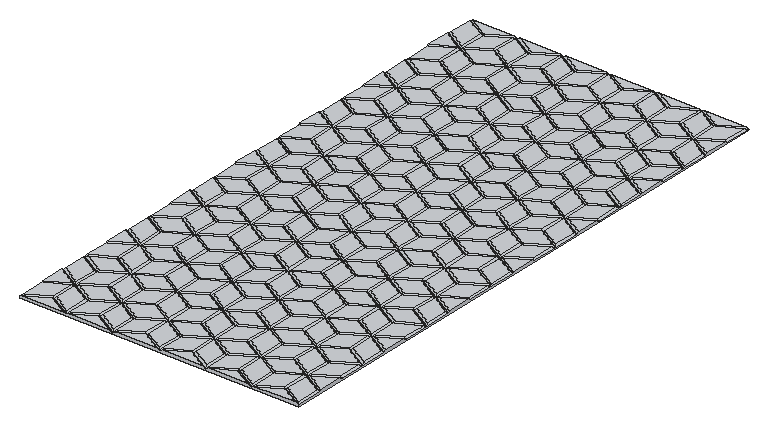
Revit family "J2 PET Felt Engraved Parallelogram", category Generic Models, host Face, Revit 2022
Family settings
  Host = Face
  Can host rebar = No
  Round Connector Dimension = Use Diameter
  Part Type = Normal
  Cut with Voids When Loaded = No
  Maintain Annotation Orientation = No
  Shared = No
  Room Calculation Point = No
Parameters
  URL = "https://www.j2systems.net/"
  Symbol Name = "FPEPGM"  # constant formula
  Style Number = "FPEPGM"  # constant formula
  Release Date = "2019"  # constant formula
  Product Line = "Engraved Panels"  # constant formula
  Model = "Parallelogram"  # constant formula
  Manufacturer = "J2 Systems"  # constant formula
  Felt color = none
  Default Elevation = 0' - 0"
Reference planes (in)
  plane 1 "Center (Front/Back)": y = 0
  plane 2: z = 0
  plane 3 "Center (Left/Right)": x = 0
Forms (in)
  Extrusion 1, solid, material <- "Felt color"
    sketch origin (0, 0, 0) x (1, 0, 0) y (0, 1, 0)
      loop
        line (0, 0) -> (47.0625, 0) -> (47.0625, 95.125) -> (0, 95.125) -> (0, 0)
    from 0 to 0.5
  Sweep 2, void
    path origin (-23.5, 0, 0) x (1, 0, 0) y (0, 1, 0)
      loop
        line (23.5, 0) -> (23.5, 4.52976)
    profile origin (0, 2.26488, 0) x (-1, 0, 0) y (0, 0, 1)
      loop
        line (0, 0.25) -> (0, 0.5) -> (-0.25, 0.5) -> (0, 0.25)
  Sweep 3, void
    path origin (23.5, 0, 0) x (1, 0, 0) y (0, 1, 0)
      loop
        line (23.5625, 0) -> (23.5625, 4.52976)
    profile origin (47.0625, 2.26488, 0) x (-1, 0, 0) y (0, 0, 1)
      loop
        line (0, 0.25) -> (0.25, 0.5) -> (0, 0.5) -> (0, 0.25)
  Sweep 4, void
    path origin (-19.57813, 0, 0) x (1, 0, 0) y (0, 1, 0)
      loop
        line (23.5, 2.26488) -> (23.5, 11.29315)
    profile origin (3.92188, 6.77902, 0) x (-1, 0, 0) y (0, 0, 1)
      loop
        line (0, 0.25) -> (0.25, 0.5) -> (-0.25, 0.5) -> (0, 0.25)
  Sweep 5, void
    path origin (-11.73438, 0, 0) x (1, 0, 0) y (0, 1, 0)
      loop
        line (23.5, 2.26488) -> (23.5, 11.29315)
    profile origin (11.76563, 6.77902, 0) x (-1, 0, 0) y (0, 0, 1)
      loop
        line (0, 0.25) -> (0.25, 0.5) -> (-0.25, 0.5) -> (0, 0.25)
  Sweep 6, void
    path origin (-3.89063, 0, 0) x (1, 0, 0) y (0, 1, 0)
      loop
        line (23.5, 2.26488) -> (23.5, 11.29315)
    profile origin (19.60938, 6.77902, 0) x (-1, 0, 0) y (0, 0, 1)
      loop
        line (0, 0.25) -> (0.25, 0.5) -> (-0.25, 0.5) -> (0, 0.25)
  Sweep 7, void
    path origin (3.95312, 0, 0) x (1, 0, 0) y (0, 1, 0)
      loop
        line (23.5, 2.26488) -> (23.5, 11.29315)
    profile origin (27.45313, 6.77902, 0) x (-1, 0, 0) y (0, 0, 1)
      loop
        line (0, 0.25) -> (0.25, 0.5) -> (-0.25, 0.5) -> (0, 0.25)
  Sweep 8, void
    path origin (11.79687, 0, 0) x (1, 0, 0) y (0, 1, 0)
      loop
        line (23.5, 2.26488) -> (23.5, 11.29315)
    profile origin (35.29688, 6.77902, 0) x (-1, 0, 0) y (0, 0, 1)
      loop
        line (0, 0.25) -> (0.25, 0.5) -> (-0.25, 0.5) -> (0, 0.25)
  Sweep 9, void
    path origin (15.71875, 0, 0) x (1, 0, 0) y (0, 1, 0)
      loop
        line (23.5, 0) -> (23.5, 4.52976)
    profile origin (39.21875, 2.26488, 0) x (-1, 0, 0) y (0, 0, 1)
      loop
        line (0, 0.25) -> (0.25, 0.5) -> (-0.25, 0.5) -> (0, 0.25)
  Sweep 10, void
    path origin (19.64062, 0, 0) x (1, 0, 0) y (0, 1, 0)
      loop
        line (23.5, 2.26488) -> (23.5, 11.29315)
    profile origin (43.14063, 6.77902, 0) x (-1, 0, 0) y (0, 0, 1)
      loop
        line (0, 0.25) -> (0.25, 0.5) -> (-0.25, 0.5) -> (0, 0.25)
  Sweep 11, void
    path origin (-43.64062, 23.5, 0) x (0, -1, 0) y (1, 0, 0)
      loop
        line (23.5, 43.64062) -> (21.23512, 47.5625) -> (23.5, 51.48437) -> (21.23512, 55.40625) -> (23.5, 59.32812) -> (21.23512, 63.25) -> (23.5, 67.17187) -> (21.23512, 71.09375) -> (23.5, 75.01562) -> (21.23512, 78.9375) -> (23.5, 82.85937) -> (21.23512, 86.78125) -> (23.5, 90.70312)
    profile origin (1.96094, 1.13244, 0) x (-0.500097, 0.865969, 0) y (0, 0, 1)
      loop
        line (0, 0.25) -> (0.25, 0.5) -> (-0.25, 0.5) -> (0, 0.25)
  Sweep 12, void
    path origin (-43.64062, 28.02976, 0) x (0, -1, 0) y (1, 0, 0)
      loop
        line (23.5, 43.64062) -> (21.23512, 47.5625) -> (23.5, 51.48437) -> (21.23512, 55.40625) -> (23.5, 59.32812) -> (21.23512, 63.25) -> (23.5, 67.17187) -> (21.23512, 71.09375) -> (23.5, 75.01562) -> (21.23512, 78.9375) -> (23.5, 82.85937) -> (21.23512, 86.78125) -> (23.5, 90.70312)
    profile origin (1.96094, 5.6622, 0) x (-0.500097, 0.865969, 0) y (0, 0, 1)
      loop
        line (0, 0.25) -> (0.25, 0.5) -> (-0.25, 0.5) -> (0, 0.25)
  Sweep 13, void
    path origin (-43.64062, 30.29464, 0) x (0, -1, 0) y (1, 0, 0)
      loop
        line (21.23512, 43.64062) -> (23.5, 47.5625) -> (21.23512, 51.48437) -> (23.5, 55.40625) -> (21.23512, 59.32812) -> (23.5, 63.25) -> (21.23512, 67.17187) -> (23.5, 71.09375) -> (21.23512, 75.01562) -> (23.5, 78.9375) -> (21.23512, 82.85937) -> (23.5, 86.78125) -> (21.23512, 90.70312)
    profile origin (1.96094, 7.92708, 0) x (0.500097, 0.865969, 0) y (0, 0, 1)
      loop
        line (0, 0.25) -> (0.25, 0.5) -> (-0.25, 0.5) -> (0, 0.25)
  Sweep 14, void
    path origin (-43.64062, 37.08929, 0) x (0, -1, 0) y (1, 0, 0)
      loop
        line (23.5, 43.64062) -> (21.23512, 47.5625) -> (23.5, 51.48437) -> (21.23512, 55.40625) -> (23.5, 59.32812) -> (21.23512, 63.25) -> (23.5, 67.17187) -> (21.23512, 71.09375) -> (23.5, 75.01562) -> (21.23512, 78.9375) -> (23.5, 82.85937) -> (21.23512, 86.78125) -> (23.5, 90.70312)
    profile origin (1.96094, 14.72173, 0) x (-0.500097, 0.865969, 0) y (0, 0, 1)
      loop
        line (0, 0.25) -> (0.25, 0.5) -> (-0.25, 0.5) -> (0, 0.25)
  Sweep 15, void
    path origin (-43.64062, 32.32589, 0) x (0, -1, 0) y (1, 0, 0)
      loop
        line (18.73661, 43.64062) -> (21.00149, 47.5625) -> (18.73661, 51.48437) -> (21.00149, 55.40625) -> (18.73661, 59.32812) -> (21.00149, 63.25) -> (18.73661, 67.17187) -> (21.00149, 71.09375) -> (18.73661, 75.01562) -> (21.00149, 78.9375) -> (18.73661, 82.85937) -> (21.00149, 86.78125) -> (18.73661, 90.70312)
    profile origin (1.96094, 12.45685, 0) x (0.500097, 0.865969, 0) y (0, 0, 1)
      loop
        line (0, 0.25) -> (0.25, 0.5) -> (-0.25, 0.5) -> (0, 0.25)
  Sweep 16, void
    path origin (-43.64062, 41.61905, 0) x (0, -1, 0) y (1, 0, 0)
      loop
        line (23.5, 43.64062) -> (21.23512, 47.5625) -> (23.5, 51.48437) -> (21.23512, 55.40625) -> (23.5, 59.32812) -> (21.23512, 63.25) -> (23.5, 67.17187) -> (21.23512, 71.09375) -> (23.5, 75.01562) -> (21.23512, 78.9375) -> (23.5, 82.85937) -> (21.23512, 86.78125) -> (23.5, 90.70312)
    profile origin (1.96094, 19.25149, 0) x (-0.500097, 0.865969, 0) y (0, 0, 1)
      loop
        line (0, 0.25) -> (0.25, 0.5) -> (-0.25, 0.5) -> (0, 0.25)
  Sweep 17, void
    path origin (-43.64062, 43.88393, 0) x (0, -1, 0) y (1, 0, 0)
      loop
        line (21.23512, 43.64062) -> (23.5, 47.5625) -> (21.23512, 51.48437) -> (23.5, 55.40625) -> (21.23512, 59.32812) -> (23.5, 63.25) -> (21.23512, 67.17187) -> (23.5, 71.09375) -> (21.23512, 75.01562) -> (23.5, 78.9375) -> (21.23512, 82.85937) -> (23.5, 86.78125) -> (21.23512, 90.70312)
    profile origin (1.96094, 21.51637, 0) x (0.500097, 0.865969, 0) y (0, 0, 1)
      loop
        line (0, 0.25) -> (0.25, 0.5) -> (-0.25, 0.5) -> (0, 0.25)
  Sweep 18, void
    path origin (-43.64062, 50.67857, 0) x (0, -1, 0) y (1, 0, 0)
      loop
        line (23.5, 43.64062) -> (21.23512, 47.5625) -> (23.5, 51.48437) -> (21.23512, 55.40625) -> (23.5, 59.32812) -> (21.23512, 63.25) -> (23.5, 67.17187) -> (21.23512, 71.09375) -> (23.5, 75.01562) -> (21.23512, 78.9375) -> (23.5, 82.85937) -> (21.23512, 86.78125) -> (23.5, 90.70312)
    profile origin (1.96094, 28.31101, 0) x (-0.500097, 0.865969, 0) y (0, 0, 1)
      loop
        line (0, 0.25) -> (0.25, 0.5) -> (-0.25, 0.5) -> (0, 0.25)
  Sweep 19, void
    path origin (-43.64062, 45.91518, 0) x (0, -1, 0) y (1, 0, 0)
      loop
        line (18.73661, 43.64062) -> (21.00149, 47.5625) -> (18.73661, 51.48437) -> (21.00149, 55.40625) -> (18.73661, 59.32812) -> (21.00149, 63.25) -> (18.73661, 67.17187) -> (21.00149, 71.09375) -> (18.73661, 75.01562) -> (21.00149, 78.9375) -> (18.73661, 82.85937) -> (21.00149, 86.78125) -> (18.73661, 90.70312)
    profile origin (1.96094, 26.04613, 0) x (0.500097, 0.865969, 0) y (0, 0, 1)
      loop
        line (0, 0.25) -> (0.25, 0.5) -> (-0.25, 0.5) -> (0, 0.25)
  Sweep 20, void
    path origin (-43.64062, 55.20833, 0) x (0, -1, 0) y (1, 0, 0)
      loop
        line (23.5, 43.64062) -> (21.23512, 47.5625) -> (23.5, 51.48437) -> (21.23512, 55.40625) -> (23.5, 59.32812) -> (21.23512, 63.25) -> (23.5, 67.17187) -> (21.23512, 71.09375) -> (23.5, 75.01562) -> (21.23512, 78.9375) -> (23.5, 82.85937) -> (21.23512, 86.78125) -> (23.5, 90.70312)
    profile origin (1.96094, 32.84077, 0) x (-0.500097, 0.865969, 0) y (0, 0, 1)
      loop
        line (0, 0.25) -> (0.25, 0.5) -> (-0.25, 0.5) -> (0, 0.25)
  Sweep 21, void
    path origin (-43.64062, 57.47321, 0) x (0, -1, 0) y (1, 0, 0)
      loop
        line (21.23512, 43.64062) -> (23.5, 47.5625) -> (21.23512, 51.48437) -> (23.5, 55.40625) -> (21.23512, 59.32812) -> (23.5, 63.25) -> (21.23512, 67.17187) -> (23.5, 71.09375) -> (21.23512, 75.01562) -> (23.5, 78.9375) -> (21.23512, 82.85937) -> (23.5, 86.78125) -> (21.23512, 90.70312)
    profile origin (1.96094, 35.10565, 0) x (0.500097, 0.865969, 0) y (0, 0, 1)
      loop
        line (0, 0.25) -> (0.25, 0.5) -> (-0.25, 0.5) -> (0, 0.25)
  Sweep 22, void
    path origin (-43.64062, 64.26786, 0) x (0, -1, 0) y (1, 0, 0)
      loop
        line (23.5, 43.64062) -> (21.23512, 47.5625) -> (23.5, 51.48437) -> (21.23512, 55.40625) -> (23.5, 59.32812) -> (21.23512, 63.25) -> (23.5, 67.17187) -> (21.23512, 71.09375) -> (23.5, 75.01562) -> (21.23512, 78.9375) -> (23.5, 82.85937) -> (21.23512, 86.78125) -> (23.5, 90.70312)
    profile origin (1.96094, 41.9003, 0) x (-0.500097, 0.865969, 0) y (0, 0, 1)
      loop
        line (0, 0.25) -> (0.25, 0.5) -> (-0.25, 0.5) -> (0, 0.25)
  Sweep 23, void
    path origin (-43.64062, 59.50446, 0) x (0, -1, 0) y (1, 0, 0)
      loop
        line (18.73661, 43.64062) -> (21.00149, 47.5625) -> (18.73661, 51.48437) -> (21.00149, 55.40625) -> (18.73661, 59.32812) -> (21.00149, 63.25) -> (18.73661, 67.17187) -> (21.00149, 71.09375) -> (18.73661, 75.01562) -> (21.00149, 78.9375) -> (18.73661, 82.85937) -> (21.00149, 86.78125) -> (18.73661, 90.70312)
    profile origin (1.96094, 39.63542, 0) x (0.500097, 0.865969, 0) y (0, 0, 1)
      loop
        line (0, 0.25) -> (0.25, 0.5) -> (-0.25, 0.5) -> (0, 0.25)
  Sweep 24, void
    path origin (-43.64062, 68.79762, 0) x (0, -1, 0) y (1, 0, 0)
      loop
        line (23.5, 43.64062) -> (21.23512, 47.5625) -> (23.5, 51.48437) -> (21.23512, 55.40625) -> (23.5, 59.32812) -> (21.23512, 63.25) -> (23.5, 67.17187) -> (21.23512, 71.09375) -> (23.5, 75.01562) -> (21.23512, 78.9375) -> (23.5, 82.85937) -> (21.23512, 86.78125) -> (23.5, 90.70312)
    profile origin (1.96094, 46.43006, 0) x (-0.500097, 0.865969, 0) y (0, 0, 1)
      loop
        line (0, 0.25) -> (0.25, 0.5) -> (-0.25, 0.5) -> (0, 0.25)
  Sweep 25, void
    path origin (-43.64062, 71.0625, 0) x (0, -1, 0) y (1, 0, 0)
      loop
        line (21.23512, 43.64062) -> (23.5, 47.5625) -> (21.23512, 51.48437) -> (23.5, 55.40625) -> (21.23512, 59.32812) -> (23.5, 63.25) -> (21.23512, 67.17187) -> (23.5, 71.09375) -> (21.23512, 75.01562) -> (23.5, 78.9375) -> (21.23512, 82.85937) -> (23.5, 86.78125) -> (21.23512, 90.70312)
    profile origin (1.96094, 48.69494, 0) x (0.500097, 0.865969, 0) y (0, 0, 1)
      loop
        line (0, 0.25) -> (0.25, 0.5) -> (-0.25, 0.5) -> (0, 0.25)
  Sweep 26, void
    path origin (-43.64062, 77.85714, 0) x (0, -1, 0) y (1, 0, 0)
      loop
        line (23.5, 43.64062) -> (21.23512, 47.5625) -> (23.5, 51.48437) -> (21.23512, 55.40625) -> (23.5, 59.32812) -> (21.23512, 63.25) -> (23.5, 67.17187) -> (21.23512, 71.09375) -> (23.5, 75.01562) -> (21.23512, 78.9375) -> (23.5, 82.85937) -> (21.23512, 86.78125) -> (23.5, 90.70312)
    profile origin (1.96094, 55.48958, 0) x (-0.500097, 0.865969, 0) y (0, 0, 1)
      loop
        line (0, 0.25) -> (0.25, 0.5) -> (-0.25, 0.5) -> (0, 0.25)
  Sweep 27, void
    path origin (-43.64062, 73.09375, 0) x (0, -1, 0) y (1, 0, 0)
      loop
        line (18.73661, 43.64062) -> (21.00149, 47.5625) -> (18.73661, 51.48437) -> (21.00149, 55.40625) -> (18.73661, 59.32812) -> (21.00149, 63.25) -> (18.73661, 67.17187) -> (21.00149, 71.09375) -> (18.73661, 75.01562) -> (21.00149, 78.9375) -> (18.73661, 82.85937) -> (21.00149, 86.78125) -> (18.73661, 90.70312)
    profile origin (1.96094, 53.2247, 0) x (0.500097, 0.865969, 0) y (0, 0, 1)
      loop
        line (0, 0.25) -> (0.25, 0.5) -> (-0.25, 0.5) -> (0, 0.25)
  Sweep 28, void
    path origin (-43.64062, 82.3869, 0) x (0, -1, 0) y (1, 0, 0)
      loop
        line (23.5, 43.64062) -> (21.23512, 47.5625) -> (23.5, 51.48437) -> (21.23512, 55.40625) -> (23.5, 59.32812) -> (21.23512, 63.25) -> (23.5, 67.17187) -> (21.23512, 71.09375) -> (23.5, 75.01562) -> (21.23512, 78.9375) -> (23.5, 82.85937) -> (21.23512, 86.78125) -> (23.5, 90.70312)
    profile origin (1.96094, 60.01935, 0) x (-0.500097, 0.865969, 0) y (0, 0, 1)
      loop
        line (0, 0.25) -> (0.25, 0.5) -> (-0.25, 0.5) -> (0, 0.25)
  Sweep 29, void
    path origin (-43.64062, 84.65179, 0) x (0, -1, 0) y (1, 0, 0)
      loop
        line (21.23512, 43.64062) -> (23.5, 47.5625) -> (21.23512, 51.48437) -> (23.5, 55.40625) -> (21.23512, 59.32812) -> (23.5, 63.25) -> (21.23512, 67.17187) -> (23.5, 71.09375) -> (21.23512, 75.01562) -> (23.5, 78.9375) -> (21.23512, 82.85937) -> (23.5, 86.78125) -> (21.23512, 90.70312)
    profile origin (1.96094, 62.28423, 0) x (0.500097, 0.865969, 0) y (0, 0, 1)
      loop
        line (0, 0.25) -> (0.25, 0.5) -> (-0.25, 0.5) -> (0, 0.25)
  Sweep 30, void
    path origin (-43.64062, 91.44643, 0) x (0, -1, 0) y (1, 0, 0)
      loop
        line (23.5, 43.64062) -> (21.23512, 47.5625) -> (23.5, 51.48437) -> (21.23512, 55.40625) -> (23.5, 59.32812) -> (21.23512, 63.25) -> (23.5, 67.17187) -> (21.23512, 71.09375) -> (23.5, 75.01562) -> (21.23512, 78.9375) -> (23.5, 82.85937) -> (21.23512, 86.78125) -> (23.5, 90.70312)
    profile origin (1.96094, 69.07887, 0) x (-0.500097, 0.865969, 0) y (0, 0, 1)
      loop
        line (0, 0.25) -> (0.25, 0.5) -> (-0.25, 0.5) -> (0, 0.25)
  Sweep 31, void
    path origin (-43.64062, 86.68304, 0) x (0, -1, 0) y (1, 0, 0)
      loop
        line (18.73661, 43.64062) -> (21.00149, 47.5625) -> (18.73661, 51.48437) -> (21.00149, 55.40625) -> (18.73661, 59.32812) -> (21.00149, 63.25) -> (18.73661, 67.17187) -> (21.00149, 71.09375) -> (18.73661, 75.01562) -> (21.00149, 78.9375) -> (18.73661, 82.85937) -> (21.00149, 86.78125) -> (18.73661, 90.70312)
    profile origin (1.96094, 66.81399, 0) x (0.500097, 0.865969, 0) y (0, 0, 1)
      loop
        line (0, 0.25) -> (0.25, 0.5) -> (-0.25, 0.5) -> (0, 0.25)
  Sweep 32, void
    path origin (-43.64062, 95.97619, 0) x (0, -1, 0) y (1, 0, 0)
      loop
        line (23.5, 43.64062) -> (21.23512, 47.5625) -> (23.5, 51.48437) -> (21.23512, 55.40625) -> (23.5, 59.32812) -> (21.23512, 63.25) -> (23.5, 67.17187) -> (21.23512, 71.09375) -> (23.5, 75.01562) -> (21.23512, 78.9375) -> (23.5, 82.85937) -> (21.23512, 86.78125) -> (23.5, 90.70312)
    profile origin (1.96094, 73.60863, 0) x (-0.500097, 0.865969, 0) y (0, 0, 1)
      loop
        line (0, 0.25) -> (0.25, 0.5) -> (-0.25, 0.5) -> (0, 0.25)
  Sweep 33, void
    path origin (-43.64062, 98.24107, 0) x (0, -1, 0) y (1, 0, 0)
      loop
        line (21.23512, 43.64062) -> (23.5, 47.5625) -> (21.23512, 51.48437) -> (23.5, 55.40625) -> (21.23512, 59.32812) -> (23.5, 63.25) -> (21.23512, 67.17187) -> (23.5, 71.09375) -> (21.23512, 75.01562) -> (23.5, 78.9375) -> (21.23512, 82.85937) -> (23.5, 86.78125) -> (21.23512, 90.70312)
    profile origin (1.96094, 75.87351, 0) x (0.500097, 0.865969, 0) y (0, 0, 1)
      loop
        line (0, 0.25) -> (0.25, 0.5) -> (-0.25, 0.5) -> (0, 0.25)
  Sweep 34, void
    path origin (-43.64062, 105.03571, 0) x (0, -1, 0) y (1, 0, 0)
      loop
        line (23.5, 43.64062) -> (21.23512, 47.5625) -> (23.5, 51.48437) -> (21.23512, 55.40625) -> (23.5, 59.32812) -> (21.23512, 63.25) -> (23.5, 67.17187) -> (21.23512, 71.09375) -> (23.5, 75.01562) -> (21.23512, 78.9375) -> (23.5, 82.85937) -> (21.23512, 86.78125) -> (23.5, 90.70312)
    profile origin (1.96094, 82.66815, 0) x (-0.500097, 0.865969, 0) y (0, 0, 1)
      loop
        line (0, 0.25) -> (0.25, 0.5) -> (-0.25, 0.5) -> (0, 0.25)
  Sweep 35, void
    path origin (-43.64062, 100.27232, 0) x (0, -1, 0) y (1, 0, 0)
      loop
        line (18.73661, 43.64062) -> (21.00149, 47.5625) -> (18.73661, 51.48437) -> (21.00149, 55.40625) -> (18.73661, 59.32812) -> (21.00149, 63.25) -> (18.73661, 67.17187) -> (21.00149, 71.09375) -> (18.73661, 75.01562) -> (21.00149, 78.9375) -> (18.73661, 82.85937) -> (21.00149, 86.78125) -> (18.73661, 90.70312)
    profile origin (1.96094, 80.40327, 0) x (0.500097, 0.865969, 0) y (0, 0, 1)
      loop
        line (0, 0.25) -> (0.25, 0.5) -> (-0.25, 0.5) -> (0, 0.25)
  Sweep 36, void
    path origin (-43.64062, 109.56548, 0) x (0, -1, 0) y (1, 0, 0)
      loop
        line (23.5, 43.64062) -> (21.23512, 47.5625) -> (23.5, 51.48437) -> (21.23512, 55.40625) -> (23.5, 59.32812) -> (21.23512, 63.25) -> (23.5, 67.17187) -> (21.23512, 71.09375) -> (23.5, 75.01562) -> (21.23512, 78.9375) -> (23.5, 82.85937) -> (21.23512, 86.78125) -> (23.5, 90.70312)
    profile origin (1.96094, 87.19792, 0) x (-0.500097, 0.865969, 0) y (0, 0, 1)
      loop
        line (0, 0.25) -> (0.25, 0.5) -> (-0.25, 0.5) -> (0, 0.25)
  Sweep 37, void
    path origin (-43.64062, 111.83036, 0) x (0, -1, 0) y (1, 0, 0)
      loop
        line (21.23512, 43.64062) -> (23.5, 47.5625) -> (21.23512, 51.48437) -> (23.5, 55.40625) -> (21.23512, 59.32812) -> (23.5, 63.25) -> (21.23512, 67.17187) -> (23.5, 71.09375) -> (21.23512, 75.01562) -> (23.5, 78.9375) -> (21.23512, 82.85937) -> (23.5, 86.78125) -> (21.23512, 90.70312)
    profile origin (1.96094, 89.4628, 0) x (0.500097, 0.865969, 0) y (0, 0, 1)
      loop
        line (0, 0.25) -> (0.25, 0.5) -> (-0.25, 0.5) -> (0, 0.25)
  Sweep 38, void
    path origin (-43.64062, 113.86161, 0) x (0, -1, 0) y (1, 0, 0)
      loop
        line (18.73661, 43.64062) -> (21.00149, 47.5625) -> (18.73661, 51.48437) -> (21.00149, 55.40625) -> (18.73661, 59.32812) -> (21.00149, 63.25) -> (18.73661, 67.17187) -> (21.00149, 71.09375) -> (18.73661, 75.01562) -> (21.00149, 78.9375) -> (18.73661, 82.85937) -> (21.00149, 86.78125) -> (18.73661, 90.70312)
    profile origin (1.96094, 93.99256, 0) x (0.500097, 0.865969, 0) y (0, 0, 1)
      loop
        line (0, 0.25) -> (0.25, 0.5) -> (-0.25, 0.5) -> (0, 0.25)
  Sweep 39, void
    path origin (7.875, 0, 0) x (1, 0, 0) y (0, 1, 0)
      loop
        line (23.5, 0) -> (23.5, 4.52976)
    profile origin (31.375, 2.26488, 0) x (-1, 0, 0) y (0, 0, 1)
      loop
        line (0, 0.25) -> (0.25, 0.5) -> (-0.25, 0.5) -> (0, 0.25)
  Sweep 40, void
    path origin (0.03125, 0, 0) x (1, 0, 0) y (0, 1, 0)
      loop
        line (23.5, 0) -> (23.5, 4.52976)
    profile origin (23.53125, 2.26488, 0) x (-1, 0, 0) y (0, 0, 1)
      loop
        line (0, 0.25) -> (0.25, 0.5) -> (-0.25, 0.5) -> (0, 0.25)
  Sweep 41, void
    path origin (-7.8125, 0, 0) x (1, 0, 0) y (0, 1, 0)
      loop
        line (23.5, 0) -> (23.5, 4.52976)
    profile origin (15.6875, 2.26488, 0) x (-1, 0, 0) y (0, 0, 1)
      loop
        line (0, 0.25) -> (0.25, 0.5) -> (-0.25, 0.5) -> (0, 0.25)
  Sweep 42, void
    path origin (-15.65625, 0, 0) x (1, 0, 0) y (0, 1, 0)
      loop
        line (23.5, 0) -> (23.5, 4.52976)
    profile origin (7.84375, 2.26488, 0) x (-1, 0, 0) y (0, 0, 1)
      loop
        line (0, 0.25) -> (0.25, 0.5) -> (-0.25, 0.5) -> (0, 0.25)
  Sweep 43, void
    path origin (-23.5, 9.05952, 0) x (1, 0, 0) y (0, 1, 0)
      loop
        line (23.5, 0) -> (23.5, 9.05952)
    profile origin (0, 13.58929, 0) x (-1, 0, 0) y (0, 0, 1)
      loop
        line (0, 0.25) -> (0, 0.5) -> (-0.25, 0.5) -> (0, 0.25)
  Sweep 44, void
    path origin (23.5, 9.05952, 0) x (1, 0, 0) y (0, 1, 0)
      loop
        line (23.5625, 0) -> (23.5625, 9.05952)
    profile origin (47.0625, 13.58929, 0) x (-1, 0, 0) y (0, 0, 1)
      loop
        line (0, 0.25) -> (0.25, 0.5) -> (0, 0.5) -> (0, 0.25)
  Sweep 45, void
    path origin (-23.5, 36.2381, 0) x (1, 0, 0) y (0, 1, 0)
      loop
        line (23.5, 0) -> (23.5, 9.05952)
    profile origin (0, 40.76786, 0) x (-1, 0, 0) y (0, 0, 1)
      loop
        line (0, 0.25) -> (0, 0.5) -> (-0.25, 0.5) -> (0, 0.25)
  Sweep 46, void
    path origin (23.5, 36.2381, 0) x (1, 0, 0) y (0, 1, 0)
      loop
        line (23.5625, 0) -> (23.5625, 9.05952)
    profile origin (47.0625, 40.76786, 0) x (-1, 0, 0) y (0, 0, 1)
      loop
        line (0, 0.25) -> (0.25, 0.5) -> (0, 0.5) -> (0, 0.25)
  Sweep 47, void
    path origin (-23.5, 63.41667, 0) x (1, 0, 0) y (0, 1, 0)
      loop
        line (23.5, 0) -> (23.5, 9.05952)
    profile origin (0, 67.94643, 0) x (-1, 0, 0) y (0, 0, 1)
      loop
        line (0, 0.25) -> (0, 0.5) -> (-0.25, 0.5) -> (0, 0.25)
  Sweep 48, void
    path origin (23.5, 63.41667, 0) x (1, 0, 0) y (0, 1, 0)
      loop
        line (23.5625, 0) -> (23.5625, 9.05952)
    profile origin (47.0625, 67.94643, 0) x (-1, 0, 0) y (0, 0, 1)
      loop
        line (0, 0.25) -> (0.25, 0.5) -> (0, 0.5) -> (0, 0.25)
  Sweep 49, void
    path origin (-23.5, 90.59524, 0) x (1, 0, 0) y (0, 1, 0)
      loop
        line (23.5, 0) -> (23.5, 4.52976)
    profile origin (0, 92.86012, 0) x (-1, 0, 0) y (0, 0, 1)
      loop
        line (0, 0.25) -> (0, 0.5) -> (-0.25, 0.5) -> (0, 0.25)
  Sweep 50, void
    path origin (23.5, 90.59524, 0) x (1, 0, 0) y (0, 1, 0)
      loop
        line (23.5625, 0) -> (23.5625, 4.52976)
    profile origin (47.0625, 92.86012, 0) x (-1, 0, 0) y (0, 0, 1)
      loop
        line (0, 0.25) -> (0.25, 0.5) -> (0, 0.5) -> (0, 0.25)
  Sweep 51, void
    path origin (23.5, 22.64881, 0) x (1, 0, 0) y (0, 1, 0)
      loop
        line (23.5625, 0) -> (23.5625, 9.05952)
    profile origin (47.0625, 27.17857, 0) x (-1, 0, 0) y (0, 0, 1)
      loop
        line (0, 0.25) -> (0.25, 0.5) -> (0, 0.5) -> (0, 0.25)
  Sweep 52, void
    path origin (-23.5, 22.64881, 0) x (1, 0, 0) y (0, 1, 0)
      loop
        line (23.5, 0) -> (23.5, 9.05952)
    profile origin (0, 27.17857, 0) x (-1, 0, 0) y (0, 0, 1)
      loop
        line (0, 0.25) -> (0, 0.5) -> (-0.25, 0.5) -> (0, 0.25)
  Sweep 53, void
    path origin (-23.5, 49.82738, 0) x (1, 0, 0) y (0, 1, 0)
      loop
        line (23.5, 0) -> (23.5, 9.05952)
    profile origin (0, 54.35714, 0) x (-1, 0, 0) y (0, 0, 1)
      loop
        line (0, 0.25) -> (0, 0.5) -> (-0.25, 0.5) -> (0, 0.25)
  Sweep 54, void
    path origin (23.5, 49.82738, 0) x (1, 0, 0) y (0, 1, 0)
      loop
        line (23.5625, 0) -> (23.5625, 9.05952)
    profile origin (47.0625, 54.35714, 0) x (-1, 0, 0) y (0, 0, 1)
      loop
        line (0, 0.25) -> (0.25, 0.5) -> (0, 0.5) -> (0, 0.25)
  Sweep 55, void
    path origin (-23.5, 81.53571, 0) x (1, 0, 0) y (0, 1, 0)
      loop
        line (23.5, -4.52976) -> (23.5, 4.52976)
    profile origin (0, 81.53571, 0) x (-1, 0, 0) y (0, 0, 1)
      loop
        line (0, 0.25) -> (0, 0.5) -> (-0.25, 0.5) -> (0, 0.25)
  Sweep 56, void
    path origin (23.5, 81.53571, 0) x (1, 0, 0) y (0, 1, 0)
      loop
        line (23.5625, -4.52976) -> (23.5625, 4.52976)
    profile origin (47.0625, 81.53571, 0) x (-1, 0, 0) y (0, 0, 1)
      loop
        line (0, 0.25) -> (0.25, 0.5) -> (0, 0.5) -> (0, 0.25)
  Sweep 57, void
    path origin (15.71875, 9.05952, 0) x (1, 0, 0) y (0, 1, 0)
      loop
        line (23.5, 0) -> (23.5, 9.05952)
    profile origin (39.21875, 13.58929, 0) x (-1, 0, 0) y (0, 0, 1)
      loop
        line (0, 0.25) -> (0.25, 0.5) -> (-0.25, 0.5) -> (0, 0.25)
  Sweep 58, void
    path origin (7.875, 9.05952, 0) x (1, 0, 0) y (0, 1, 0)
      loop
        line (23.5, 0) -> (23.5, 9.05952)
    profile origin (31.375, 13.58929, 0) x (-1, 0, 0) y (0, 0, 1)
      loop
        line (0, 0.25) -> (0.25, 0.5) -> (-0.25, 0.5) -> (0, 0.25)
  Sweep 59, void
    path origin (0.03125, 9.05952, 0) x (1, 0, 0) y (0, 1, 0)
      loop
        line (23.5, 0) -> (23.5, 9.05952)
    profile origin (23.53125, 13.58929, 0) x (-1, 0, 0) y (0, 0, 1)
      loop
        line (0, 0.25) -> (0.25, 0.5) -> (-0.25, 0.5) -> (0, 0.25)
  Sweep 60, void
    path origin (-7.8125, 9.05952, 0) x (1, 0, 0) y (0, 1, 0)
      loop
        line (23.5, 0) -> (23.5, 9.05952)
    profile origin (15.6875, 13.58929, 0) x (-1, 0, 0) y (0, 0, 1)
      loop
        line (0, 0.25) -> (0.25, 0.5) -> (-0.25, 0.5) -> (0, 0.25)
  Sweep 61, void
    path origin (-15.65625, 9.05952, 0) x (1, 0, 0) y (0, 1, 0)
      loop
        line (23.5, 0) -> (23.5, 9.05952)
    profile origin (7.84375, 13.58929, 0) x (-1, 0, 0) y (0, 0, 1)
      loop
        line (0, 0.25) -> (0.25, 0.5) -> (-0.25, 0.5) -> (0, 0.25)
  Sweep 62, void
    path origin (-15.65625, 22.64881, 0) x (1, 0, 0) y (0, 1, 0)
      loop
        line (23.5, 0) -> (23.5, 9.05952)
    profile origin (7.84375, 27.17857, 0) x (-1, 0, 0) y (0, 0, 1)
      loop
        line (0, 0.25) -> (0.25, 0.5) -> (-0.25, 0.5) -> (0, 0.25)
  Sweep 63, void
    path origin (15.71875, 22.64881, 0) x (1, 0, 0) y (0, 1, 0)
      loop
        line (23.5, 0) -> (23.5, 9.05952)
    profile origin (39.21875, 27.17857, 0) x (-1, 0, 0) y (0, 0, 1)
      loop
        line (0, 0.25) -> (0.25, 0.5) -> (-0.25, 0.5) -> (0, 0.25)
  Sweep 64, void
    path origin (7.875, 22.64881, 0) x (1, 0, 0) y (0, 1, 0)
      loop
        line (23.5, 0) -> (23.5, 9.05952)
    profile origin (31.375, 27.17857, 0) x (-1, 0, 0) y (0, 0, 1)
      loop
        line (0, 0.25) -> (0.25, 0.5) -> (-0.25, 0.5) -> (0, 0.25)
  Sweep 65, void
    path origin (0.03125, 22.64881, 0) x (1, 0, 0) y (0, 1, 0)
      loop
        line (23.5, 0) -> (23.5, 9.05952)
    profile origin (23.53125, 27.17857, 0) x (-1, 0, 0) y (0, 0, 1)
      loop
        line (0, 0.25) -> (0.25, 0.5) -> (-0.25, 0.5) -> (0, 0.25)
  Sweep 66, void
    path origin (-7.8125, 22.64881, 0) x (1, 0, 0) y (0, 1, 0)
      loop
        line (23.5, 0) -> (23.5, 9.05952)
    profile origin (15.6875, 27.17857, 0) x (-1, 0, 0) y (0, 0, 1)
      loop
        line (0, 0.25) -> (0.25, 0.5) -> (-0.25, 0.5) -> (0, 0.25)
  Sweep 67, void
    path origin (15.71875, 36.2381, 0) x (1, 0, 0) y (0, 1, 0)
      loop
        line (23.5, 0) -> (23.5, 9.05952)
    profile origin (39.21875, 40.76786, 0) x (-1, 0, 0) y (0, 0, 1)
      loop
        line (0, 0.25) -> (0.25, 0.5) -> (-0.25, 0.5) -> (0, 0.25)
  Sweep 68, void
    path origin (7.875, 36.2381, 0) x (1, 0, 0) y (0, 1, 0)
      loop
        line (23.5, 0) -> (23.5, 9.05952)
    profile origin (31.375, 40.76786, 0) x (-1, 0, 0) y (0, 0, 1)
      loop
        line (0, 0.25) -> (0.25, 0.5) -> (-0.25, 0.5) -> (0, 0.25)
  Sweep 69, void
    path origin (0.03125, 36.2381, 0) x (1, 0, 0) y (0, 1, 0)
      loop
        line (23.5, 0) -> (23.5, 9.05952)
    profile origin (23.53125, 40.76786, 0) x (-1, 0, 0) y (0, 0, 1)
      loop
        line (0, 0.25) -> (0.25, 0.5) -> (-0.25, 0.5) -> (0, 0.25)
  Sweep 70, void
    path origin (-7.8125, 36.2381, 0) x (1, 0, 0) y (0, 1, 0)
      loop
        line (23.5, 0) -> (23.5, 9.05952)
    profile origin (15.6875, 40.76786, 0) x (-1, 0, 0) y (0, 0, 1)
      loop
        line (0, 0.25) -> (0.25, 0.5) -> (-0.25, 0.5) -> (0, 0.25)
  Sweep 71, void
    path origin (-15.65625, 36.2381, 0) x (1, 0, 0) y (0, 1, 0)
      loop
        line (23.5, 0) -> (23.5, 9.05952)
    profile origin (7.84375, 40.76786, 0) x (-1, 0, 0) y (0, 0, 1)
      loop
        line (0, 0.25) -> (0.25, 0.5) -> (-0.25, 0.5) -> (0, 0.25)
  Sweep 72, void
    path origin (15.71875, 49.82738, 0) x (1, 0, 0) y (0, 1, 0)
      loop
        line (23.5, 0) -> (23.5, 9.05952)
    profile origin (39.21875, 54.35714, 0) x (-1, 0, 0) y (0, 0, 1)
      loop
        line (0, 0.25) -> (0.25, 0.5) -> (-0.25, 0.5) -> (0, 0.25)
  Sweep 73, void
    path origin (7.875, 49.82738, 0) x (1, 0, 0) y (0, 1, 0)
      loop
        line (23.5, 0) -> (23.5, 9.05952)
    profile origin (31.375, 54.35714, 0) x (-1, 0, 0) y (0, 0, 1)
      loop
        line (0, 0.25) -> (0.25, 0.5) -> (-0.25, 0.5) -> (0, 0.25)
  Sweep 74, void
    path origin (0.03125, 49.82738, 0) x (1, 0, 0) y (0, 1, 0)
      loop
        line (23.5, 0) -> (23.5, 9.05952)
    profile origin (23.53125, 54.35714, 0) x (-1, 0, 0) y (0, 0, 1)
      loop
        line (0, 0.25) -> (0.25, 0.5) -> (-0.25, 0.5) -> (0, 0.25)
  Sweep 75, void
    path origin (-7.8125, 49.82738, 0) x (1, 0, 0) y (0, 1, 0)
      loop
        line (23.5, 0) -> (23.5, 9.05952)
    profile origin (15.6875, 54.35714, 0) x (-1, 0, 0) y (0, 0, 1)
      loop
        line (0, 0.25) -> (0.25, 0.5) -> (-0.25, 0.5) -> (0, 0.25)
  Sweep 76, void
    path origin (-15.65625, 49.82738, 0) x (1, 0, 0) y (0, 1, 0)
      loop
        line (23.5, 0) -> (23.5, 9.05952)
    profile origin (7.84375, 54.35714, 0) x (-1, 0, 0) y (0, 0, 1)
      loop
        line (0, 0.25) -> (0.25, 0.5) -> (-0.25, 0.5) -> (0, 0.25)
  Sweep 77, void
    path origin (15.71875, 63.41667, 0) x (1, 0, 0) y (0, 1, 0)
      loop
        line (23.5, 0) -> (23.5, 9.05952)
    profile origin (39.21875, 67.94643, 0) x (-1, 0, 0) y (0, 0, 1)
      loop
        line (0, 0.25) -> (0.25, 0.5) -> (-0.25, 0.5) -> (0, 0.25)
  Sweep 78, void
    path origin (7.875, 63.41667, 0) x (1, 0, 0) y (0, 1, 0)
      loop
        line (23.5, 0) -> (23.5, 9.05952)
    profile origin (31.375, 67.94643, 0) x (-1, 0, 0) y (0, 0, 1)
      loop
        line (0, 0.25) -> (0.25, 0.5) -> (-0.25, 0.5) -> (0, 0.25)
  Sweep 79, void
    path origin (0.03125, 63.41667, 0) x (1, 0, 0) y (0, 1, 0)
      loop
        line (23.5, 0) -> (23.5, 9.05952)
    profile origin (23.53125, 67.94643, 0) x (-1, 0, 0) y (0, 0, 1)
      loop
        line (0, 0.25) -> (0.25, 0.5) -> (-0.25, 0.5) -> (0, 0.25)
  Sweep 80, void
    path origin (-7.8125, 63.41667, 0) x (1, 0, 0) y (0, 1, 0)
      loop
        line (23.5, 0) -> (23.5, 9.05952)
    profile origin (15.6875, 67.94643, 0) x (-1, 0, 0) y (0, 0, 1)
      loop
        line (0, 0.25) -> (0.25, 0.5) -> (-0.25, 0.5) -> (0, 0.25)
  Sweep 81, void
    path origin (-15.65625, 63.41667, 0) x (1, 0, 0) y (0, 1, 0)
      loop
        line (23.5, 0) -> (23.5, 9.05952)
    profile origin (7.84375, 67.94643, 0) x (-1, 0, 0) y (0, 0, 1)
      loop
        line (0, 0.25) -> (0.25, 0.5) -> (-0.25, 0.5) -> (0, 0.25)
  Sweep 82, void
    path origin (15.71875, 77.00595, 0) x (1, 0, 0) y (0, 1, 0)
      loop
        line (23.5, 0) -> (23.5, 9.05952)
    profile origin (39.21875, 81.53571, 0) x (-1, 0, 0) y (0, 0, 1)
      loop
        line (0, 0.25) -> (0.25, 0.5) -> (-0.25, 0.5) -> (0, 0.25)
  Sweep 83, void
    path origin (7.875, 77.00595, 0) x (1, 0, 0) y (0, 1, 0)
      loop
        line (23.5, 0) -> (23.5, 9.05952)
    profile origin (31.375, 81.53571, 0) x (-1, 0, 0) y (0, 0, 1)
      loop
        line (0, 0.25) -> (0.25, 0.5) -> (-0.25, 0.5) -> (0, 0.25)
  Sweep 84, void
    path origin (0.03125, 77.00595, 0) x (1, 0, 0) y (0, 1, 0)
      loop
        line (23.5, 0) -> (23.5, 9.05952)
    profile origin (23.53125, 81.53571, 0) x (-1, 0, 0) y (0, 0, 1)
      loop
        line (0, 0.25) -> (0.25, 0.5) -> (-0.25, 0.5) -> (0, 0.25)
  Sweep 85, void
    path origin (-7.8125, 77.00595, 0) x (1, 0, 0) y (0, 1, 0)
      loop
        line (23.5, 0) -> (23.5, 9.05952)
    profile origin (15.6875, 81.53571, 0) x (-1, 0, 0) y (0, 0, 1)
      loop
        line (0, 0.25) -> (0.25, 0.5) -> (-0.25, 0.5) -> (0, 0.25)
  Sweep 86, void
    path origin (-15.65625, 77.00595, 0) x (1, 0, 0) y (0, 1, 0)
      loop
        line (23.5, 0) -> (23.5, 9.05952)
    profile origin (7.84375, 81.53571, 0) x (-1, 0, 0) y (0, 0, 1)
      loop
        line (0, 0.25) -> (0.25, 0.5) -> (-0.25, 0.5) -> (0, 0.25)
  Sweep 87, void
    path origin (15.71875, 90.59524, 0) x (1, 0, 0) y (0, 1, 0)
      loop
        line (23.5, 0) -> (23.5, 4.52976)
    profile origin (39.21875, 92.86012, 0) x (-1, 0, 0) y (0, 0, 1)
      loop
        line (0, 0.25) -> (0.25, 0.5) -> (-0.25, 0.5) -> (0, 0.25)
  Sweep 88, void
    path origin (7.875, 90.59524, 0) x (1, 0, 0) y (0, 1, 0)
      loop
        line (23.5, 0) -> (23.5, 4.52976)
    profile origin (31.375, 92.86012, 0) x (-1, 0, 0) y (0, 0, 1)
      loop
        line (0, 0.25) -> (0.25, 0.5) -> (-0.25, 0.5) -> (0, 0.25)
  Sweep 89, void
    path origin (0.03125, 90.59524, 0) x (1, 0, 0) y (0, 1, 0)
      loop
        line (23.5, 0) -> (23.5, 4.52976)
    profile origin (23.53125, 92.86012, 0) x (-1, 0, 0) y (0, 0, 1)
      loop
        line (0, 0.25) -> (0.25, 0.5) -> (-0.25, 0.5) -> (0, 0.25)
  Sweep 90, void
    path origin (-7.8125, 90.59524, 0) x (1, 0, 0) y (0, 1, 0)
      loop
        line (23.5, 0) -> (23.5, 4.52976)
    profile origin (15.6875, 92.86012, 0) x (-1, 0, 0) y (0, 0, 1)
      loop
        line (0, 0.25) -> (0.25, 0.5) -> (-0.25, 0.5) -> (0, 0.25)
  Sweep 91, void
    path origin (-15.65625, 90.59524, 0) x (1, 0, 0) y (0, 1, 0)
      loop
        line (23.5, 0) -> (23.5, 4.52976)
    profile origin (7.84375, 92.86012, 0) x (-1, 0, 0) y (0, 0, 1)
      loop
        line (0, 0.25) -> (0.25, 0.5) -> (-0.25, 0.5) -> (0, 0.25)
  Sweep 92, void
    path origin (-19.57813, 15.85417, 0) x (1, 0, 0) y (0, 1, 0)
      loop
        line (23.5, 0) -> (23.5, 9.05952)
    profile origin (3.92188, 20.38393, 0) x (-1, 0, 0) y (0, 0, 1)
      loop
        line (0, 0.25) -> (0.25, 0.5) -> (-0.25, 0.5) -> (0, 0.25)
  Sweep 93, void
    path origin (-3.89062, 15.85417, 0) x (1, 0, 0) y (0, 1, 0)
      loop
        line (23.5, 0) -> (23.5, 9.05952)
    profile origin (19.60938, 20.38393, 0) x (-1, 0, 0) y (0, 0, 1)
      loop
        line (0, 0.25) -> (0.25, 0.5) -> (-0.25, 0.5) -> (0, 0.25)
  Sweep 94, void
    path origin (11.79687, 15.85417, 0) x (1, 0, 0) y (0, 1, 0)
      loop
        line (23.5, 0) -> (23.5, 9.05952)
    profile origin (35.29688, 20.38393, 0) x (-1, 0, 0) y (0, 0, 1)
      loop
        line (0, 0.25) -> (0.25, 0.5) -> (-0.25, 0.5) -> (0, 0.25)
  Sweep 95, void
    path origin (-11.73438, 15.85417, 0) x (1, 0, 0) y (0, 1, 0)
      loop
        line (23.5, 0) -> (23.5, 9.05952)
    profile origin (11.76563, 20.38393, 0) x (-1, 0, 0) y (0, 0, 1)
      loop
        line (0, 0.25) -> (0.25, 0.5) -> (-0.25, 0.5) -> (0, 0.25)
  Sweep 96, void
    path origin (3.95312, 15.85417, 0) x (1, 0, 0) y (0, 1, 0)
      loop
        line (23.5, 0) -> (23.5, 9.05952)
    profile origin (27.45313, 20.38393, 0) x (-1, 0, 0) y (0, 0, 1)
      loop
        line (0, 0.25) -> (0.25, 0.5) -> (-0.25, 0.5) -> (0, 0.25)
  Sweep 97, void
    path origin (19.64062, 15.85417, 0) x (1, 0, 0) y (0, 1, 0)
      loop
        line (23.5, 0) -> (23.5, 9.05952)
    profile origin (43.14063, 20.38393, 0) x (-1, 0, 0) y (0, 0, 1)
      loop
        line (0, 0.25) -> (0.25, 0.5) -> (-0.25, 0.5) -> (0, 0.25)
  Sweep 98, void
    path origin (-19.57813, 43.03274, 0) x (1, 0, 0) y (0, 1, 0)
      loop
        line (23.5, 0) -> (23.5, 9.05952)
    profile origin (3.92188, 47.5625, 0) x (-1, 0, 0) y (0, 0, 1)
      loop
        line (0, 0.25) -> (0.25, 0.5) -> (-0.25, 0.5) -> (0, 0.25)
  Sweep 99, void
    path origin (-3.89062, 43.03274, 0) x (1, 0, 0) y (0, 1, 0)
      loop
        line (23.5, 0) -> (23.5, 9.05952)
    profile origin (19.60938, 47.5625, 0) x (-1, 0, 0) y (0, 0, 1)
      loop
        line (0, 0.25) -> (0.25, 0.5) -> (-0.25, 0.5) -> (0, 0.25)
  Sweep 100, void
    path origin (11.79687, 43.03274, 0) x (1, 0, 0) y (0, 1, 0)
      loop
        line (23.5, 0) -> (23.5, 9.05952)
    profile origin (35.29688, 47.5625, 0) x (-1, 0, 0) y (0, 0, 1)
      loop
        line (0, 0.25) -> (0.25, 0.5) -> (-0.25, 0.5) -> (0, 0.25)
  Sweep 101, void
    path origin (-11.73438, 43.03274, 0) x (1, 0, 0) y (0, 1, 0)
      loop
        line (23.5, 0) -> (23.5, 9.05952)
    profile origin (11.76563, 47.5625, 0) x (-1, 0, 0) y (0, 0, 1)
      loop
        line (0, 0.25) -> (0.25, 0.5) -> (-0.25, 0.5) -> (0, 0.25)
  Sweep 102, void
    path origin (3.95312, 43.03274, 0) x (1, 0, 0) y (0, 1, 0)
      loop
        line (23.5, 0) -> (23.5, 9.05952)
    profile origin (27.45313, 47.5625, 0) x (-1, 0, 0) y (0, 0, 1)
      loop
        line (0, 0.25) -> (0.25, 0.5) -> (-0.25, 0.5) -> (0, 0.25)
  Sweep 103, void
    path origin (19.64062, 43.03274, 0) x (1, 0, 0) y (0, 1, 0)
      loop
        line (23.5, 0) -> (23.5, 9.05952)
    profile origin (43.14063, 47.5625, 0) x (-1, 0, 0) y (0, 0, 1)
      loop
        line (0, 0.25) -> (0.25, 0.5) -> (-0.25, 0.5) -> (0, 0.25)
  Sweep 104, void
    path origin (-19.57813, 70.21131, 0) x (1, 0, 0) y (0, 1, 0)
      loop
        line (23.5, 0) -> (23.5, 9.05952)
    profile origin (3.92188, 74.74107, 0) x (-1, 0, 0) y (0, 0, 1)
      loop
        line (0, 0.25) -> (0.25, 0.5) -> (-0.25, 0.5) -> (0, 0.25)
  Sweep 105, void
    path origin (-3.89062, 70.21131, 0) x (1, 0, 0) y (0, 1, 0)
      loop
        line (23.5, 0) -> (23.5, 9.05952)
    profile origin (19.60938, 74.74107, 0) x (-1, 0, 0) y (0, 0, 1)
      loop
        line (0, 0.25) -> (0.25, 0.5) -> (-0.25, 0.5) -> (0, 0.25)
  Sweep 106, void
    path origin (11.79687, 70.21131, 0) x (1, 0, 0) y (0, 1, 0)
      loop
        line (23.5, 0) -> (23.5, 9.05952)
    profile origin (35.29688, 74.74107, 0) x (-1, 0, 0) y (0, 0, 1)
      loop
        line (0, 0.25) -> (0.25, 0.5) -> (-0.25, 0.5) -> (0, 0.25)
  Sweep 107, void
    path origin (-11.73438, 70.21131, 0) x (1, 0, 0) y (0, 1, 0)
      loop
        line (23.5, 0) -> (23.5, 9.05952)
    profile origin (11.76563, 74.74107, 0) x (-1, 0, 0) y (0, 0, 1)
      loop
        line (0, 0.25) -> (0.25, 0.5) -> (-0.25, 0.5) -> (0, 0.25)
  Sweep 108, void
    path origin (3.95312, 70.21131, 0) x (1, 0, 0) y (0, 1, 0)
      loop
        line (23.5, 0) -> (23.5, 9.05952)
    profile origin (27.45313, 74.74107, 0) x (-1, 0, 0) y (0, 0, 1)
      loop
        line (0, 0.25) -> (0.25, 0.5) -> (-0.25, 0.5) -> (0, 0.25)
  Sweep 109, void
    path origin (19.64062, 70.21131, 0) x (1, 0, 0) y (0, 1, 0)
      loop
        line (23.5, 0) -> (23.5, 9.05952)
    profile origin (43.14063, 74.74107, 0) x (-1, 0, 0) y (0, 0, 1)
      loop
        line (0, 0.25) -> (0.25, 0.5) -> (-0.25, 0.5) -> (0, 0.25)
  Sweep 110, void
    path origin (-19.57813, 56.62202, 0) x (1, 0, 0) y (0, 1, 0)
      loop
        line (23.5, 0) -> (23.5, 9.05952)
    profile origin (3.92188, 61.15179, 0) x (-1, 0, 0) y (0, 0, 1)
      loop
        line (0, 0.25) -> (0.25, 0.5) -> (-0.25, 0.5) -> (0, 0.25)
  Sweep 111, void
    path origin (-11.73438, 29.44345, 0) x (1, 0, 0) y (0, 1, 0)
      loop
        line (23.5, 0) -> (23.5, 9.05952)
    profile origin (11.76563, 33.97321, 0) x (-1, 0, 0) y (0, 0, 1)
      loop
        line (0, 0.25) -> (0.25, 0.5) -> (-0.25, 0.5) -> (0, 0.25)
  Sweep 112, void
    path origin (-11.73438, 83.8006, 0) x (1, 0, 0) y (0, 1, 0)
      loop
        line (23.5, 0) -> (23.5, 9.05952)
    profile origin (11.76563, 88.33036, 0) x (-1, 0, 0) y (0, 0, 1)
      loop
        line (0, 0.25) -> (0.25, 0.5) -> (-0.25, 0.5) -> (0, 0.25)
  Sweep 113, void
    path origin (-3.89063, 56.62202, 0) x (1, 0, 0) y (0, 1, 0)
      loop
        line (23.5, 0) -> (23.5, 9.05952)
    profile origin (19.60937, 61.15179, 0) x (-1, 0, 0) y (0, 0, 1)
      loop
        line (0, 0.25) -> (0.25, 0.5) -> (-0.25, 0.5) -> (0, 0.25)
  Sweep 114, void
    path origin (3.95312, 29.44345, 0) x (1, 0, 0) y (0, 1, 0)
      loop
        line (23.5, 0) -> (23.5, 9.05952)
    profile origin (27.45313, 33.97321, 0) x (-1, 0, 0) y (0, 0, 1)
      loop
        line (0, 0.25) -> (0.25, 0.5) -> (-0.25, 0.5) -> (0, 0.25)
  Sweep 115, void
    path origin (19.64062, 29.44345, 0) x (1, 0, 0) y (0, 1, 0)
      loop
        line (23.5, 0) -> (23.5, 9.05952)
    profile origin (43.14063, 33.97321, 0) x (-1, 0, 0) y (0, 0, 1)
      loop
        line (0, 0.25) -> (0.25, 0.5) -> (-0.25, 0.5) -> (0, 0.25)
  Sweep 116, void
    path origin (19.64062, 56.62202, 0) x (1, 0, 0) y (0, 1, 0)
      loop
        line (23.5, 0) -> (23.5, 9.05952)
    profile origin (43.14063, 61.15179, 0) x (-1, 0, 0) y (0, 0, 1)
      loop
        line (0, 0.25) -> (0.25, 0.5) -> (-0.25, 0.5) -> (0, 0.25)
  Sweep 117, void
    path origin (3.95312, 83.8006, 0) x (1, 0, 0) y (0, 1, 0)
      loop
        line (23.5, 0) -> (23.5, 9.05952)
    profile origin (27.45313, 88.33036, 0) x (-1, 0, 0) y (0, 0, 1)
      loop
        line (0, 0.25) -> (0.25, 0.5) -> (-0.25, 0.5) -> (0, 0.25)
  Sweep 118, void
    path origin (19.64062, 83.8006, 0) x (1, 0, 0) y (0, 1, 0)
      loop
        line (23.5, 0) -> (23.5, 9.05952)
    profile origin (43.14063, 88.33036, 0) x (-1, 0, 0) y (0, 0, 1)
      loop
        line (0, 0.25) -> (0.25, 0.5) -> (-0.25, 0.5) -> (0, 0.25)
  Sweep 119, void
    path origin (-3.89063, 29.44345, 0) x (1, 0, 0) y (0, 1, 0)
      loop
        line (23.5, 0) -> (23.5, 9.05952)
    profile origin (19.60937, 33.97321, 0) x (-1, 0, 0) y (0, 0, 1)
      loop
        line (0, 0.25) -> (0.25, 0.5) -> (-0.25, 0.5) -> (0, 0.25)
  Sweep 120, void
    path origin (-19.57813, 29.44345, 0) x (1, 0, 0) y (0, 1, 0)
      loop
        line (23.5, 0) -> (23.5, 9.05952)
    profile origin (3.92188, 33.97321, 0) x (-1, 0, 0) y (0, 0, 1)
      loop
        line (0, 0.25) -> (0.25, 0.5) -> (-0.25, 0.5) -> (0, 0.25)
  Sweep 121, void
    path origin (11.79687, 29.44345, 0) x (1, 0, 0) y (0, 1, 0)
      loop
        line (23.5, 0) -> (23.5, 9.05952)
    profile origin (35.29688, 33.97321, 0) x (-1, 0, 0) y (0, 0, 1)
      loop
        line (0, 0.25) -> (0.25, 0.5) -> (-0.25, 0.5) -> (0, 0.25)
  Sweep 122, void
    path origin (11.79687, 56.62202, 0) x (1, 0, 0) y (0, 1, 0)
      loop
        line (23.5, 0) -> (23.5, 9.05952)
    profile origin (35.29688, 61.15179, 0) x (-1, 0, 0) y (0, 0, 1)
      loop
        line (0, 0.25) -> (0.25, 0.5) -> (-0.25, 0.5) -> (0, 0.25)
  Sweep 123, void
    path origin (3.95312, 56.62202, 0) x (1, 0, 0) y (0, 1, 0)
      loop
        line (23.5, 0) -> (23.5, 9.05952)
    profile origin (27.45313, 61.15179, 0) x (-1, 0, 0) y (0, 0, 1)
      loop
        line (0, 0.25) -> (0.25, 0.5) -> (-0.25, 0.5) -> (0, 0.25)
  Sweep 124, void
    path origin (-11.73438, 56.62202, 0) x (1, 0, 0) y (0, 1, 0)
      loop
        line (23.5, 0) -> (23.5, 9.05952)
    profile origin (11.76562, 61.15179, 0) x (-1, 0, 0) y (0, 0, 1)
      loop
        line (0, 0.25) -> (0.25, 0.5) -> (-0.25, 0.5) -> (0, 0.25)
  Sweep 125, void
    path origin (11.79687, 83.8006, 0) x (1, 0, 0) y (0, 1, 0)
      loop
        line (23.5, 0) -> (23.5, 9.05952)
    profile origin (35.29688, 88.33036, 0) x (-1, 0, 0) y (0, 0, 1)
      loop
        line (0, 0.25) -> (0.25, 0.5) -> (-0.25, 0.5) -> (0, 0.25)
  Sweep 126, void
    path origin (-3.89063, 83.8006, 0) x (1, 0, 0) y (0, 1, 0)
      loop
        line (23.5, 0) -> (23.5, 9.05952)
    profile origin (19.60937, 88.33036, 0) x (-1, 0, 0) y (0, 0, 1)
      loop
        line (0, 0.25) -> (0.25, 0.5) -> (-0.25, 0.5) -> (0, 0.25)
  Sweep 127, void
    path origin (-19.57813, 83.8006, 0) x (1, 0, 0) y (0, 1, 0)
      loop
        line (23.5, 0) -> (23.5, 9.05952)
    profile origin (3.92188, 88.33036, 0) x (-1, 0, 0) y (0, 0, 1)
      loop
        line (0, 0.25) -> (0.25, 0.5) -> (-0.25, 0.5) -> (0, 0.25)
Cuts and joins
  Sweep 2, Sweep 3, Sweep 4, Sweep 5, Sweep 6, Sweep 7, Sweep 8, Sweep 9, Sweep 10, Sweep 11, Sweep 12, Sweep 13, Sweep 14, Sweep 15, Sweep 16, Sweep 17, Sweep 18, Sweep 19, Sweep 20, Sweep 21, Sweep 22, Sweep 23, Sweep 24, Sweep 25, Sweep 26, Sweep 27, Sweep 28, Sweep 29, Sweep 30, Sweep 31, Sweep 32, Sweep 33, Sweep 34, Sweep 35, Sweep 36, Sweep 37, Sweep 38, Sweep 39, Sweep 40, Sweep 41, Sweep 42, Sweep 43, Sweep 44, Sweep 45, Sweep 46, Sweep 47, Sweep 48, Sweep 49, Sweep 50, Sweep 51, Sweep 52, Sweep 53, Sweep 54, Sweep 55, Sweep 56, Sweep 57, Sweep 58, Sweep 59, Sweep 60, Sweep 61, Sweep 62, Sweep 63, Sweep 64, Sweep 65, Sweep 66, Sweep 67, Sweep 68, Sweep 69, Sweep 70, Sweep 71, Sweep 72, Sweep 73, Sweep 74, Sweep 75, Sweep 76, Sweep 77, Sweep 78, Sweep 79, Sweep 80, Sweep 81, Sweep 82, Sweep 83, Sweep 84, Sweep 85, Sweep 86, Sweep 87, Sweep 88, Sweep 89, Sweep 90, Sweep 91, Sweep 92, Sweep 93, Sweep 94, Sweep 95, Sweep 96, Sweep 97, Sweep 98, Sweep 99, Sweep 100, Sweep 101, Sweep 102, Sweep 103, Sweep 104, Sweep 105, Sweep 106, Sweep 107, Sweep 108, Sweep 109, Sweep 110, Sweep 111, Sweep 112, Sweep 113, Sweep 114, Sweep 115, Sweep 116, Sweep 117, Sweep 118, Sweep 119, Sweep 120, Sweep 121, Sweep 122, Sweep 123, Sweep 124, Sweep 125, Sweep 126, Sweep 127 cuts Extrusion 1
Dimensions and locks (in)
  aligned and locked: host face to plane 2
  aligned and locked: level to host face
